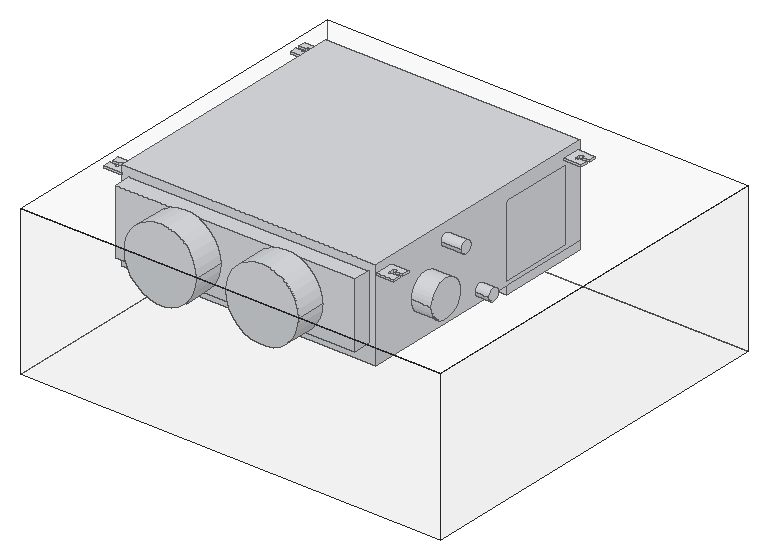
Revit family "pdfy-mp22_140gm_50Hz", category 機械設備, Revit 2019
Family settings
  丸型コネクタ寸法 = 直径を使用
  パーツ タイプ = 標準
  OmniClass 番号 = 23.75.10.24.21.27.27
  OmniClass タイトル = Split System Air Conditioning Units
  作業面ベース = いいえ
  常に垂直 = はい
  ロード時にボイドで切り取り = いいえ
  共有 = いいえ
  部屋計算ポイント = はい
Parameters (values of type "PDFY-MP22GM")
  騒音レベル（弱）(dB) = 48
  騒音レベル（中）(dB) = 54
  風量（弱）（m3／min） = 6
  風量（中）（m3／min） = 7.5
  風量（m3／min） = 8.5
  風量 = MAX風量  # 510.0 m³/h
  音響パワーレベル(dB) = 58
  電源種別 = ""
  電圧_電気ヒーター = 0 V
  電圧 = 200 V
  電動機出力_送風機 = 0.085 kW
  運転質量 = 0.00 kg
  連動 = ""
  質量 = if(製品質量 > 運転質量, 製品質量, 運転質量) * 1.2  # 28.80 kg
  負荷分類 = 3_ファン類
  説明 = "ビル用マルチエアコン 天井ビルトイン形 室内機"
  設計暖房能力 [instance] = 0 kW
  設計冷房能力_顕熱 [instance] = 0 kW
  設計冷房能力 [instance] = 0 kW
  設置方法 = "天井吊（隠ぺい）形"
  記号 [instance] = ""
  製造元 = "三菱電機株式会社"
  製品質量 = 24.00 kg
  製品出荷対象 = "国内"
  製品リリース年月 = "2024/9/30"
  製品グループ = ""
  系統 [instance] = ""
  符号 = "ACP-CIS"
  積算_科目 = "1 空気調和設備"
  積算_拾い区分 [instance] = ""
  相_電気ヒーター = 1
  相 = 1
  盤記号 [instance] = ""
  発停方法 = ""
  特殊仕様 [instance] = ""
  火災停止 = ""
  消費電力_電気ヒーター = 0 kW
  消費電力_暖房 = 0.05 kW
  消費電力_加湿器 = 0 kW
  消費電力_冷房 = 0.06 kW
  消費電力 = if(消費電力_冷房 > 消費電力_暖房, 消費電力_冷房, 消費電力_暖房) + 消費電力_加湿器 + 消費電力_電気ヒーター  # 0.06 kW
  法定耐用年数 = "15"
  機外静圧 = 30.0 Pa
  極数 = 1
  材質 [instance] = ""
  有効加湿量 = 0
  暖房能力 = 2.5 kW
  形式_加湿器 = ""
  形式 = "天井吊（隠ぺい）形（片ダクト形）"
  幹線記号 [instance] = ""
  始動方式 = "直入"
  呼称 = "室内機_天井吊（隠ぺい）形（片ダクト形）"
  周波数 = 50 Hz
  台数_手元リモコン [instance] = ""
  台数_冷媒分岐ユニット [instance] = ""
  参照している仕様書等のバージョン = "公共建築工事標準仕様書（機械設備工事編）平成31年度版"
  加湿給水管径 = 0.00 mm
  分類コード = "50053003221050"
  分類グループ = ""
  冷房能力 = 2.2 kW
  冷媒高低圧ガス管径 = 0.00 mm
  冷媒管径符号 = "Ac"
  冷媒管径 = 100.00 mm
  冷媒液管径 = 6.35 mm
  冷媒ガス管径 = 12.70 mm
  価格 = 0
  企業コード = "108420"
  付属品_フィルター = ""
  付属品 [instance] = ""
  仕様書バージョン = "Version1.0"
  モデル = "PDFY-MP22GM"
  パネル マテリアル = none
  ドレン管径 = 32.00 mm
  チャンバーボックス [instance] = yes
  ダクト高 = 178 mm
  ダクト幅 = 660 mm
  コメント [instance] = ""
  Keynote = ""
  Assembly Code = ""
  Width = 700 mm
  Version = ""
  Uniclass2015Version = "Systems v1.9"
  Uniclass2015Title = "Split coil remote air cooled condensing units"
  Uniclass2015Code = "Pr_70_65_03_84"
  URL = "https://www.mitsubishielectric.co.jp/ldg/wink/qr/002/335186/"
  SpecificationReference = ""
  SpecificationDescription = ""
  Revision = ""
  ProductInformation = ""
  OmniClassCode = "23-33 17 13 11"
  MIN風量 = 風量（弱）（m3／min） * 60.0 m³/h  # 360.0 m³/h
  MID風量 = 風量（中）（m3／min） * 60.0 m³/h  # 450.0 m³/h
  MAX風量 = 風量（m3／min） * 60.0 m³/h  # 510.0 m³/h
  IfcTypeProduct = ""
  IfcProduct = ""
  IfcExportType = "AIRCONDITIONINGUNIT"
  IfcExportAs = "IfcUnitaryEquipmentType"
  Height = 250 mm
  Depth = 701 mm
  Author = "三菱電機株式会社"
Types (10, lengths in mm): name | 騒音レベル（弱）(dB) | 騒音レベル（中）(dB) | 風量（弱）（m3／min） | 風量（中）（m3／min） | 風量（m3／min） | 風量 | 音響パワーレベル(dB) | 電動機出力_送風機 | 質量 | 製品質量 | 消費電力_暖房 | 消費電力_冷房 | 消費電力 | 暖房能力 | 冷房能力 | 冷媒管径符号 | 冷媒液管径 | 冷媒ガス管径 | モデル | ダクト幅 | Width | URL | MIN風量 | MID風量 | MAX風量
  PDFY-MP22GM | 48 | 54 | 6 | 7.5 | 8.5 | 510.0 m³/h | 58 | 0.085 kW | 28.80 kg | 24.00 kg | 0.05 kW | 0.06 kW | 0.06 kW | 2.5 kW | 2.2 kW | "Ac" | 6.35 | 12.70 | "PDFY-MP22GM" | 660 | 700 | "https://www.mitsubishielectric.co.jp/ldg/wink/qr/002/335186/" | 360.0 m³/h | 450.0 m³/h | 510.0 m³/h
  PDFY-MP28GM | 48 | 54 | 6 | 7.5 | 8.5 | 510.0 m³/h | 58 | 0.085 kW | 28.80 kg | 24.00 kg | 0.05 kW | 0.06 kW | 0.06 kW | 3.2 kW | 2.8 kW | "Ac" | 6.35 | 12.70 | "PDFY-MP28GM" | 660 | 700 | "https://www.mitsubishielectric.co.jp/ldg/wink/qr/002/335187/" | 360.0 m³/h | 450.0 m³/h | 510.0 m³/h
  PDFY-MP36GM | 51 | 58 | 7 | 9 | 10.5 | 630.0 m³/h | 62 | 0.085 kW | 28.80 kg | 24.00 kg | 0.07 kW | 0.08 kW | 0.08 kW | 4 kW | 3.6 kW | "Ac" | 6.35 | 12.70 | "PDFY-MP36GM" | 660 | 700 | "https://www.mitsubishielectric.co.jp/ldg/wink/qr/002/335188/" | 420.0 m³/h | 540.0 m³/h | 630.0 m³/h
  PDFY-MP45GM | 48 | 56 | 9 | 12 | 14 | 840.0 m³/h | 60 | 0.085 kW | 33.60 kg | 28.00 kg | 0.07 kW | 0.08 kW | 0.08 kW | 5 kW | 4.5 kW | "Ac" | 6.35 | 12.70 | "PDFY-MP45GM" | 860 | 900 | "https://www.mitsubishielectric.co.jp/ldg/wink/qr/002/335189/" | 540.0 m³/h | 720.0 m³/h | 840.0 m³/h
  PDFY-MP56GM | 50 | 60 | 10 | 14.5 | 17 | 1020.0 m³/h | 64 | 0.085 kW | 33.60 kg | 28.00 kg | 0.11 kW | 0.12 kW | 0.12 kW | 6.3 kW | 5.6 kW | "Ac" | 6.35 | 12.70 | "PDFY-MP56GM" | 860 | 900 | "https://www.mitsubishielectric.co.jp/ldg/wink/qr/002/335190/" | 600.0 m³/h | 870.0 m³/h | 1020.0 m³/h
  PDFY-MP71GM | 50 | 57 | 12.5 | 16 | 19 | 1140.0 m³/h | 62 | 0.121 kW | 39.60 kg | 33.00 kg | 0.12 kW | 0.12 kW | 0.12 kW | 8 kW | 7.1 kW | "Bd" | 9.52 | 15.88 | "PDFY-MP71GM" | 1060 | 1100 | "https://www.mitsubishielectric.co.jp/ldg/wink/qr/002/335191/" | 750.0 m³/h | 960.0 m³/h | 1140.0 m³/h
  PDFY-MP80GM | 52 | 59 | 13 | 18 | 22 | 1320.0 m³/h | 65 | 0.121 kW | 39.60 kg | 33.00 kg | 0.13 kW | 0.15 kW | 0.15 kW | 9 kW | 8 kW | "Bd" | 9.52 | 15.88 | "PDFY-MP80GM" | 1060 | 1100 | "https://www.mitsubishielectric.co.jp/ldg/wink/qr/002/335192/" | 780.0 m³/h | 1080.0 m³/h | 1320.0 m³/h
  PDFY-MP90GM | 52 | 59 | 13 | 18 | 22 | 1320.0 m³/h | 65 | 0.121 kW | 39.60 kg | 33.00 kg | 0.13 kW | 0.15 kW | 0.15 kW | 10 kW | 9 kW | "Bd" | 9.52 | 15.88 | "PDFY-MP90GM" | 1060 | 1100 | "https://www.mitsubishielectric.co.jp/ldg/wink/qr/002/335193/" | 780.0 m³/h | 1080.0 m³/h | 1320.0 m³/h
  PDFY-MP112GM | 56 | 65 | 20 | 28 | 33 | 1980.0 m³/h | 69 | 0.3 kW | 48.00 kg | 40.00 kg | 0.24 kW | 0.27 kW | 0.27 kW | 12.5 kW | 11.2 kW | "Bd" | 9.52 | 15.88 | "PDFY-MP112GM" | 1360 | 1400 | "https://www.mitsubishielectric.co.jp/ldg/wink/qr/002/335194/" | 1200.0 m³/h | 1680.0 m³/h | 1980.0 m³/h
  PDFY-MP140GM | 60 | 69 | 23.5 | 34 | 40 | 2400.0 m³/h | 74 | 0.3 kW | 48.00 kg | 40.00 kg | 0.39 kW | 0.41 kW | 0.41 kW | 16 kW | 14 kW | "Bd" | 9.52 | 15.88 | "PDFY-MP140GM" | 1360 | 1400 | "https://www.mitsubishielectric.co.jp/ldg/wink/qr/002/335195/" | 1410.0 m³/h | 2040.0 m³/h | 2400.0 m³/h
Reference planes
  plane 1 "中心(正面/背面)": y = 0
  plane 2: z = 0
  plane 3 "中心(左/右)": x = 0
  plane 4: y = 407.5
  plane 5: x = -390
  plane 6: x = 770
  plane 7: y = -650.5
  plane 8: y = -350.5
  plane 9: y = 350.5
  plane 10: x = -350
  plane 11: x = 350
  plane 12: z = 22
  plane 13: z = 272
  plane 14: z = 282
  plane 15: z = -130
Lines and regions (mm)
  symbolic lines, detail levels fine
    curve 1: line (-350, 350.5, 0) -> (350, 350.5, 0)
    curve 2: line (-350, -397.5, 0) -> (-350, 350.5, 0)
    curve 3: line (350, -397.5, 0) -> (-350, -397.5, 0)
    curve 4: line (350, 350.5, 0) -> (350, -397.5, 0)
Dimensions and locks
  "Width": plane 10 to plane 11
  locked: plane 8 to plane 7 at 300
  locked: plane 4 to plane 9 at 57
  equal spacing: plane 9, plane 1 "中心(正面/背面)", plane 8
  "Depth": plane 9 to plane 8
  equal spacing: plane 10, plane 3 "中心(左/右)", plane 11
  locked: plane 11 to plane 6 at 420
  locked: plane 5 to plane 10 at 40
  locked: plane 12 to plane 2 at 22
  "Height": plane 13 to plane 12
  locked: plane 14 to plane 13 at 10
  locked: plane 2 to plane 15 at 130
  aligned and locked: level to plane 2
  aligned and locked: plane 1 "中心(正面/背面)" to nested 1
  aligned and locked: plane 3 "中心(左/右)" to nested 1
  aligned and locked: plane 6 to nested 2
  aligned and locked: plane 5 to nested 2
  aligned and locked: plane 15 to nested 2
  aligned and locked: plane 14 to nested 2
  aligned and locked: nested 2 to plane 7
  aligned and locked: nested 2 to plane 4
Automatic sketch dimensions
  curve 3 to plane 8 = 47 mm
  curve 3 to plane 10 = 0 mm
  curve 3 to plane 11 = 0 mm
  curve 2 to plane 9 = 0 mm
Nested families
  nested 1: "PDFY-MP_GM" at (0, 0, 0), ①高さ <- "Height", ①幅 <- "Width", ①奥行き <- "Depth", ダクト幅 <- "ダクト幅", ダクト高 <- "ダクト高", type "PDFY-MP_GM"
    with 配管径 100 mm, 液径 9.52 mm, 液W 57 mm, 液H 122 mm, 液D 136 mm, 吊りボルトW 754 mm, 吊りボルトH 20 mm, 吊りボルトD 643 mm, 加湿器径 0 mm, 加湿器W 0 mm, 加湿器H 0 mm, 加湿器D 0 mm, ドレン径 32 mm, ドレンW 40 mm, ドレンH 217 mm, ドレンD 356 mm, ダクト高 178 mm, ダクト幅 660 mm, ダクト④ no, ダクト③ no, ダクト② yes, ダクト① yes, ガス径 15.88 mm, ガスW 78 mm, ガスH 33 mm, ガスD 67 mm, ①高さ 250 mm, ①幅 700 mm, ①奥行き 701 mm, G 320 mm, F 320 mm, E 280 mm, D 210 mm
  nested 2: "サービススペース" at (190, -121.5, 76), type "サービススペース"
    with Width 1160 mm, Height 412 mm, Depth 1058 mm
Connectors
  piping at (407, -181, 133.5), diameter 100, driven by "冷媒管径", driven by "冷媒管径符号"
    settings: on nested 1, index 5, connector inside diameter 609.60 mm, connector length 0 mm, flow factor 0, pipe flow 0.0 L/s, pressure drop 0.0 kPa, fitting loss kfactor 0, connector angle 0.00°, fixture units 0, engagement length 0 mm, angle of deflection 0.00°, flow configuration 1, flow direction 1, fitting loss method 4, system type 7, joint type 0, gender type 0, connector reference index -1, connector utility 0, adjustable connector no, is connector primary yes, connector description "Ac"
  piping at (390, 5.5, 55), diameter 32, driven by "ドレン管径"
    settings: on nested 1, index 6, connector inside diameter 609.60 mm, connector length 0 mm, flow factor 0, pipe flow 0.0 L/s, pressure drop 0.0 kPa, fitting loss kfactor 0, connector angle 0.00°, fixture units 0, engagement length 0 mm, angle of deflection 0.00°, flow configuration 1, flow direction 2, fitting loss method 4, system type 16, joint type 0, gender type 0, connector reference index -1, connector utility 0, adjustable connector no, is connector primary no, connector description ""
  electrical at (351, 200.5, 133), driven by "極数", driven by "負荷分類", driven by "電圧", driven by "消費電力"
    settings: on nested 1, index 7, voltage 200 V, apparent load 60 VA, apparent load phase1 0 VA, apparent load phase2 0 VA, apparent load phase3 0 VA, power factor 1, load classification "3_ファン類", number of poles 1, system type 30, power factor state 1, is connector primary yes, connector utility no, sub classification motor no, connector description ""
  hvac at (0, -397.5, 160), driven by "ダクト高", driven by "ダクト幅", driven by "機外静圧", driven by "風量"
    settings: on nested 1, index 8, duct flow 510.0 m³/h, flow factor 0, pres drop 30.0 Pa, loss coef 0, conn angle 0.00°, conn width 660 mm, conn height 178 mm, conn diameter 609.6 mm, duct sys type 1, conn prof type 1, flow config 0, flow direction 2, loss method 4, conn ref index -1, conn util no, is conn primary yes, conn desc ""
  piping at (408, -112.5, 231), diameter 32, driven by "ドレン管径"
    settings: on nested 1, index 9, connector inside diameter 609.60 mm, connector length 0 mm, flow factor 0, pipe flow 0.0 L/s, pressure drop 0.0 kPa, fitting loss kfactor 0, connector angle 0.00°, fixture units 0, engagement length 0 mm, angle of deflection 0.00°, flow configuration 1, flow direction 2, fitting loss method 4, system type 16, joint type 0, gender type 0, connector reference index -1, connector utility 0, adjustable connector no, is connector primary no, connector description ""
Definition of nested family "PDFY-MP_GM"
  Parameters (values of type "PDFY-MP_GM")
    加湿器径 [instance] = 0 mm
    加湿器W [instance] = 0 mm
    加湿器H [instance] = 0 mm
    加湿器D [instance] = 0 mm
    液径 [instance] = 9.52 mm
    吊りボルトW [instance] = ①幅 + 54 mm  # 754 mm
    吊りボルトH [instance] = 20 mm
    吊りボルトD [instance] = 643 mm  # constant formula
    配管径 [instance] = 100 mm  # constant formula
    液W [instance] = 57 mm  # constant formula
    液H [instance] = 122 mm  # constant formula
    液D [instance] = 136 mm  # constant formula
    ドレン径 [instance] = 32 mm  # constant formula
    ドレンW [instance] = 40 mm  # constant formula
    ドレンH [instance] = 217 mm  # constant formula
    ドレンD [instance] = 356 mm  # constant formula
    ダクト高 [instance] = 178 mm
    ダクト幅 [instance] = 660 mm
    ダクト④ [instance] = ①幅 > 1300 mm  # no
    ダクト③ [instance] = ①幅 > 1000 mm  # no
    ダクト② [instance] = yes
    ダクト① [instance] = yes
    ガス径 [instance] = 15.88 mm
    ガスW [instance] = 78 mm  # constant formula
    ガスH [instance] = 33 mm  # constant formula
    ガスD [instance] = 67 mm  # constant formula
    ①幅 [instance] = 700 mm
    ①高さ [instance] = 250 mm
    ①奥行き [instance] = 701 mm
    G [instance] = 320 mm  # constant formula
    F [instance] = 320 mm  # constant formula
    E [instance] = if(①幅 = 1400 mm, 320 mm, if(①幅 = 1100 mm, 320 mm, if(①幅 = 900 mm, 450 mm, 280 mm)))  # 280 mm
    D [instance] = if(①幅 = 1400 mm, 220 mm, if(①幅 = 1100 mm, 230 mm, if(①幅 = 900 mm, 225 mm, 210 mm)))  # 210 mm
  Reference planes
    plane 1 "中心(正面/背面)": y = 0
    plane 2: z = 0
    plane 3 "中心(左/右)": x = 0
    plane 4: x = -350
    plane 5: x = 350
    plane 6: y = 350.5
    plane 7: y = -350.5
    plane 8: z = 272
    plane 9: y = 317.5
    plane 10: y = -325.5
    plane 11: x = -377
    plane 12: x = 377
    plane 13: y = 421.5
    plane 14: z = 252
    plane 15: z = 247
    plane 16: y = -397.5
    plane 17: x = -330
    plane 18: y = -479.5
    plane 19: z = 71
    plane 20: z = 249
    plane 21: x = -400
    plane 22: x = 400
    plane 23: y = -300.5
    plane 24: y = 342.5
    plane 25: y = 292.5
    plane 26: x = -460
    plane 27: x = -140
    plane 28: x = 140
    plane 29: x = -780
    plane 30: z = 156
    plane 31: z = 22
    plane 32: y = 100.5
    plane 33: y = 5.5
    plane 34: y = -147.5
    plane 35: y = -214.5
    plane 36: y = -181
    plane 37: z = 150
    plane 38: z = 117
    plane 39: z = 133.5
    plane 40: x = 407
    plane 41: x = 390
    plane 42: z = 55
    plane 43: x = 351
    plane 44: z = 231
    plane 45: y = -112.5
    plane 46: x = 330
  Forms (mm)
    Extrusion 1, solid, detail levels fine
      sketch origin (0, 0, 0) x (1, 0, 0) y (0, 1, 0)
        loop
          line (-350, 350.5) -> (-350, -350.5) -> (350, -350.5) -> (350, 350.5) -> (-350, 350.5)
      from 22 to 272
    Extrusion 2, solid, detail levels fine
      sketch origin (0, 0, 0) x (1, 0, 0) y (0, 0, 1)
        loop
          line (330, 249) -> (-330, 249) -> (-330, 71) -> (330, 71) -> (330, 249)
      from 350.5 to 397.5
    Extrusion 3, solid, detail levels fine
      sketch origin (0, 0, 0) x (1, 0, 0) y (0, 1, 0)
        loop
          line (350, 342.5) -> (350, 292.5) -> (400, 292.5) -> (400, 312.5) -> (382, 312.5)
          arc (382, 312.5) -> (377, 307.5) -> (372, 312.5) r 5
          line (372, 312.5) -> (372, 322.5)
          arc (372, 322.5) -> (377, 327.5) -> (382, 322.5) r 5
          line (382, 322.5) -> (400, 322.5) -> (400, 342.5) -> (350, 342.5)
        loop
          line (400, -300.5) -> (350, -300.5) -> (350, -350.5) -> (400, -350.5) -> (400, -330.5) -> (382, -330.5)
          arc (382, -330.5) -> (377, -335.5) -> (372, -330.5) r 5
          line (372, -330.5) -> (372, -320.5)
          arc (372, -320.5) -> (377, -315.5) -> (382, -320.5) r 5
          line (382, -320.5) -> (400, -320.5) -> (400, -300.5)
        loop
          line (-400, 342.5) -> (-400, 322.5) -> (-382, 322.5)
          arc (-382, 322.5) -> (-377, 327.5) -> (-372, 322.5) r 5
          line (-372, 322.5) -> (-372, 312.5)
          arc (-372, 312.5) -> (-377, 307.5) -> (-382, 312.5) r 5
          line (-382, 312.5) -> (-400, 312.5) -> (-400, 292.5) -> (-350, 292.5) -> (-350, 342.5) -> (-400, 342.5)
        loop
          line (-400, -300.5) -> (-400, -320.5) -> (-382, -320.5)
          arc (-382, -320.5) -> (-377, -315.5) -> (-372, -320.5) r 5
          line (-372, -320.5) -> (-372, -330.5)
          arc (-372, -330.5) -> (-377, -335.5) -> (-382, -330.5) r 5
          line (-382, -330.5) -> (-400, -330.5) -> (-400, -350.5) -> (-350, -350.5) -> (-350, -300.5) -> (-400, -300.5)
      from 247 to 252
    Extrusion 4, solid, visible <- "ダクト①", detail levels fine
      sketch origin (0, 0, 0) x (1, 0, 0) y (0, 0, 1)
        loop
          circle (140, 156) r 100
      from 397.5 to 479.5
    Extrusion 5, solid, detail levels fine
      sketch origin (0, 0, 0) x (1, 0, 0) y (0, 1, 0)
        loop
          line (-350, 350.5) -> (-350, 100.5) -> (350, 100.5) -> (350, 350.5) -> (-350, 350.5)
      from 0 to 22
    Extrusion 6, solid, detail levels fine
      sketch origin (0, 0, 0) x (0, 1, 0) y (0, 0, 1)
        loop
          circle (-181, 133.5) r 50
      from 350 to 407
    Extrusion 7, solid, detail levels fine
      sketch origin (0, 0, 0) x (0, 1, 0) y (0, 0, 1)
        loop
          circle (5.5, 55) r 16
      from 350 to 390
    Extrusion 8, solid, detail levels fine
      sketch origin (0, 0, 0) x (0, 1, 0) y (0, 0, 1)
        loop
          line (100.5, 231) -> (100.5, 35) -> (300.5, 35) -> (300.5, 231) -> (100.5, 231)
      from 350 to 351
    Extrusion 9, solid, visible <- "ダクト②", detail levels fine
      sketch origin (-140, 0, 0) x (1, 0, 0) y (0, 0, 1)
        loop
          circle (0, 156) r 100
      from 397.5 to 479.5
    Extrusion 10, solid, visible <- "ダクト③", detail levels fine
      sketch origin (-280, 0, 0) x (1, 0, 0) y (0, 0, 1)
        loop
          circle (-180, 156) r 100
      from 397.5 to 479.5
    Extrusion 11, solid, visible <- "ダクト④", detail levels fine
      sketch origin (-420, 0, 0) x (1, 0, 0) y (0, 0, 1)
        loop
          circle (-360, 156) r 100
      from 397.5 to 479.5
    Extrusion 12, solid, detail levels coarse+medium
      sketch origin (0, 0, 0) x (1, 0, 0) y (0, 1, 0)
        loop
          line (-350, 350.5) -> (-350, -397.5) -> (350, -397.5) -> (350, 350.5) -> (-350, 350.5)
      from 22 to 272
    Extrusion 13, solid, detail levels fine
      sketch origin (350, 350.5, 0) x (0, -1, 0) y (0, 0, -1)
        loop
          circle (463, -231) r 16
      from 0 to 58
  Dimensions and locks
    equal spacing: plane 7, plane 1 "中心(正面/背面)", plane 6
    "①奥行き": plane 7 to plane 6
    equal spacing: plane 4, plane 3 "中心(左/右)", plane 5
    "①幅": plane 4 to plane 5
    equal spacing: plane 11, plane 3 "中心(左/右)", plane 12
    "吊りボルトW": plane 11 to plane 12
    locked: plane 8 to plane 14 at 20
    locked: plane 14 to plane 15 at 5
    "ダクト高": plane 20 to plane 19
    locked: plane 21 to plane 11 at 23
    locked: plane 12 to plane 22 at 23
    locked: plane 9 to plane 6 at 33
    "吊りボルトD": plane 10 to plane 9
    plane 25 to plane 9 to plane 24 = 25 mm locked, 25 mm locked
    plane 7 to plane 10 to plane 23 = 25 mm, 25 mm
    locked: plane 8 to plane 20 at 23
    locked: plane 16 to plane 7 at 47
    locked: plane 18 to plane 16 at 82
    "E": plane 27 to plane 28
    "F": plane 26 to plane 27
    "G": plane 29 to plane 26
    locked: plane 8 to plane 30 at 116
    locked: plane 31 to level at 22
    "①高さ": plane 8 to plane 31
    locked: plane 32 to plane 6 at 250
    "液D": plane 7 to plane 35
    "ドレンD": plane 7 to plane 33
    "ガスD": plane 35 to plane 34
    equal spacing: plane 35, plane 36, plane 34
    "液H": plane 8 to plane 37
    "ガスH": plane 37 to plane 38
    equal spacing: plane 37, plane 39, plane 38
    "液W": plane 5 to plane 40
    "ドレンW": plane 5 to plane 41
    "ドレンH": plane 8 to plane 42
    plane 8 to plane 42 = 217 mm
    locked: plane 5 to plane 43 at 1
    "D": plane 28 to plane 5
    equal spacing: plane 46, plane 3 "中心(左/右)", plane 17
    "ダクト幅": plane 46 to plane 17
    radius of Extrusion 4 sketch curve = 100 mm
    "配管径": diameter of Extrusion 6 sketch curve
    "ドレン径": diameter of Extrusion 7 sketch curve
    radius of Extrusion 9 sketch curve = 100 mm
    radius of Extrusion 10 sketch curve = 100 mm
    radius of Extrusion 11 sketch curve = 100 mm
    diameter of Extrusion 13 sketch curve = 32 mm
    aligned and locked: level to plane 2
    aligned and locked: plane 6 to Extrusion 1 sketch curve
    aligned and locked: plane 4 to Extrusion 1 sketch curve
    aligned and locked: Extrusion 1 sketch curve to plane 7
    aligned and locked: Extrusion 1 sketch curve to plane 5
    aligned and locked: plane 8 to Extrusion 1
    aligned and locked: plane 20 to Extrusion 2 sketch curve
    aligned and locked: Extrusion 2 sketch curve to plane 19
    aligned and locked: Extrusion 2 sketch curve to plane 17
    aligned and locked: plane 16 to Extrusion 2
    aligned and locked: Extrusion 2 to plane 7
    aligned and locked: plane 10 to nested 1
    aligned and locked: plane 11 to nested 1
    aligned and locked: plane 12 to nested 1
    aligned and locked: nested 1 to plane 9
    aligned and locked: plane 24 to Extrusion 3 sketch curve  (x2)
    aligned and locked: plane 5 to Extrusion 3 sketch curve
    aligned and locked: Extrusion 3 sketch curve to plane 25  (x2)
    aligned and locked: Extrusion 3 sketch curve to plane 22  (x2)
    aligned and locked: Extrusion 3 sketch curve to plane 23
    aligned and locked: plane 22 to Extrusion 3 sketch curve  (x2)
    aligned and locked: Extrusion 1 to Extrusion 3 sketch curve  (x2)
    aligned and locked: Extrusion 3 sketch curve to Extrusion 1  (x2)
    aligned and locked: plane 21 to Extrusion 3 sketch curve  (x4)
    aligned and locked: Extrusion 3 sketch curve to plane 4
    aligned and locked: plane 23 to Extrusion 3 sketch curve
    aligned and locked: plane 11 to Extrusion 3 sketch curve  (x4)
    aligned and locked: plane 12 to Extrusion 3 sketch curve  (x4)
    aligned and locked: plane 14 to Extrusion 3
    aligned and locked: Extrusion 3 to plane 15
    aligned and locked: plane 28 to Extrusion 4 sketch curve
    aligned and locked: plane 30 to Extrusion 4 sketch curve
    aligned and locked: plane 18 to Extrusion 4
    aligned and locked: Extrusion 4 to plane 16
    aligned and locked: Extrusion 1 to plane 31
    aligned and locked: Extrusion 5 sketch curve to Extrusion 1  (x2)
    aligned and locked: Extrusion 5 sketch curve to plane 32
    aligned and locked: Extrusion 5 sketch curve to plane 5
    aligned and locked: Extrusion 5 to Extrusion 1
    aligned and locked: plane 36 to Extrusion 6 sketch curve
    aligned and locked: plane 39 to Extrusion 6 sketch curve
    aligned and locked: Extrusion 6 to plane 5
    aligned and locked: plane 40 to Extrusion 6
    aligned and locked: plane 33 to Extrusion 7 sketch curve
    aligned and locked: plane 42 to Extrusion 7 sketch curve
    aligned and locked: plane 41 to Extrusion 7
    aligned and locked: Extrusion 7 to plane 5
    aligned and locked: plane 43 to Extrusion 8
    aligned and locked: Extrusion 8 to plane 5
    aligned and locked: plane 27 to Extrusion 9 sketch curve
    aligned and locked: plane 30 to Extrusion 9 sketch curve
    aligned and locked: plane 26 to Extrusion 10 sketch curve
    aligned and locked: plane 30 to Extrusion 10 sketch curve
    aligned and locked: plane 30 to Extrusion 11 sketch curve
    aligned and locked: plane 29 to Extrusion 11 sketch curve
    aligned and locked: plane 18 to Extrusion 11
    aligned and locked: Extrusion 11 to plane 16
    aligned and locked: plane 18 to Extrusion 10
    aligned and locked: Extrusion 10 to plane 16
    aligned and locked: Extrusion 9 to plane 16
    aligned and locked: plane 18 to Extrusion 9
    aligned and locked: plane 6 to Extrusion 12 sketch curve
    aligned and locked: Extrusion 12 sketch curve to plane 16
    aligned and locked: Extrusion 12 sketch curve to plane 5
    aligned and locked: plane 8 to Extrusion 12
    aligned and locked: Extrusion 1 to Extrusion 12
    aligned and locked: Extrusion 12 sketch curve to Extrusion 1
  Automatic sketch dimensions
    Extrusion 3 sketch curve to plane 11 = 5 mm  (x2)
    Extrusion 3 sketch curve to Extrusion 3 sketch curve = 5 mm
    Extrusion 3 sketch curve to plane 12 = 5 mm
    plane 10 to Extrusion 3 sketch curve = 5 mm  (x2)
    Extrusion 3 sketch curve to Extrusion 3 sketch curve = 0 mm  (x4)
    Extrusion 3 sketch curve to plane 10 = 5 mm  (x2)
    plane 9 to Extrusion 3 sketch curve = 5 mm  (x3)
    Extrusion 3 sketch curve to plane 9 = 5 mm  (x2)
    Extrusion 8 sketch curve to plane 32 = 0 mm
    Extrusion 8 sketch curve to plane 25 = 8 mm
    plane 31 to Extrusion 8 sketch curve = 13 mm
    Extrusion 8 sketch curve to plane 15 = 16 mm
    Extrusion 2 sketch curve to plane 5 = 20 mm
    Extrusion 12 to Extrusion 13 sketch curve = 41 mm
    Extrusion 12 to Extrusion 13 sketch curve = 285 mm
  Nested families
    nested 1: "固定点" at (-377, -325.5, 0), type "固定点", detail levels fine
      with W 754 mm, D 643 mm, 中心円 10 mm
  Definition of nested family "固定点"
    Parameters (values of type "固定点")
      中心円 = 20 mm
      W [instance] = 1000 mm
      D [instance] = 1000 mm
    Reference planes
      plane 1 "中心(正面/背面)": y = 0
      plane 2: z = 0
      plane 3 "中心(左/右)": x = 0
      plane 4: x = 1000
      plane 5: y = 1000
    Lines and regions (mm)
      symbolic lines, detail levels fine
        curve 1: circle (0, 1000, 0) r 10 normal (0, 0, 1)
        curve 2: circle (0, 0, 0) r 10 normal (0, 0, 1)
        curve 3: circle (1000, 1000, 0) r 10 normal (0, 0, 1)
        curve 4: circle (1000, 0, 0) r 10 normal (0, 0, 1)
        curve 5: line (-200, 1000, 0) -> (1200, 1000, 0)
        curve 6: line (-200, 0, 0) -> (1200, 0, 0)
        curve 7: line (0, 1200, 0) -> (0, -200, 0)
        curve 8: line (1000, 1200, 0) -> (1000, -200, 0)
    Dimensions and locks
      "W": plane 3 "中心(左/右)" to plane 4
      "D": plane 1 "中心(正面/背面)" to plane 5
      "中心円": diameter of curve 1
      "中心円": diameter of curve 2
      "中心円": diameter of curve 3
      "中心円": diameter of curve 4
      aligned and locked: level to plane 2
      aligned and locked: plane 5 to curve 1
      aligned and locked: plane 3 "中心(左/右)" to curve 1
      aligned and locked: plane 3 "中心(左/右)" to curve 2
      aligned and locked: plane 1 "中心(正面/背面)" to curve 2
      aligned and locked: plane 4 to curve 3
      aligned and locked: plane 5 to curve 3
      aligned and locked: plane 1 "中心(正面/背面)" to curve 4
      aligned and locked: plane 4 to curve 4
      aligned and locked: plane 1 "中心(正面/背面)" to curve 6
      aligned and locked: curve 7 to plane 3 "中心(左/右)"
      aligned and locked: curve 8 to plane 4
    Automatic sketch dimensions
      curve 5 to plane 5 = 0 mm
      curve 6 to plane 3 "中心(左/右)" = 200 mm
      curve 5 to plane 3 "中心(左/右)" = 200 mm
      curve 4 to curve 6 = 200 mm
      curve 3 to curve 5 = 200 mm
      plane 1 "中心(正面/背面)" to curve 8 = 200 mm
      plane 1 "中心(正面/背面)" to curve 7 = 200 mm
      curve 3 to curve 8 = 200 mm
      curve 1 to curve 7 = 200 mm
Definition of nested family "サービススペース"
  Parameters (values of type "サービススペース")
    Width [instance] = 500 mm
    Height [instance] = 500 mm
    Depth [instance] = 500 mm
  Reference planes
    plane 1 "中心(正面/背面)": y = 0
    plane 2: z = 0
    plane 3 "中心(左/右)": x = 0
    plane 4: y = -250
    plane 5: x = 250
    plane 6: y = 250
    plane 7: x = -250
    plane 8: z = 250
    plane 9: z = -250
  Forms (mm)
    Extrusion 1, solid
      sketch origin (-638.939, 0, 72.39) x (1, 0, 0) y (0, 1, 0)
        loop
          line (388.939, 250) -> (388.939, -250) -> (888.939, -250) -> (888.939, 250) -> (388.939, 250)
      from -322.39 to 177.61
  Lines and regions (mm)
    symbolic lines
      curve 1: line (-250, 0, 250) -> (250, 0, 250)
      curve 2: line (-250, 0, -250) -> (-250, 0, 250)
      curve 3: line (250, 0, -250) -> (-250, 0, -250)
      curve 4: line (250, 0, 250) -> (250, 0, -250)
      curve 5: line (0, -250, 250) -> (0, 250, 250)
      curve 6: line (0, -250, -250) -> (0, -250, 250)
      curve 7: line (0, 250, -250) -> (0, -250, -250)
      curve 8: line (0, 250, 250) -> (0, 250, -250)
      curve 9: line (-250, 250, 0) -> (250, 250, 0)
      curve 10: line (-250, -250, 0) -> (-250, 250, 0)
      curve 11: line (250, -250, 0) -> (-250, -250, 0)
      curve 12: line (250, 250, 0) -> (250, -250, 0)
  Dimensions and locks
    equal spacing: plane 7, plane 3 "中心(左/右)", plane 5
    equal spacing: plane 4, plane 1 "中心(正面/背面)", plane 6
    "Depth": plane 4 to plane 6
    "Width": plane 7 to plane 5
    equal spacing: plane 8, plane 2, plane 9
    "Height": plane 8 to plane 9
    aligned and locked: plane 9 to curve 3
    aligned and locked: plane 7 to curve 2
    aligned and locked: curve 4 to plane 5
    aligned and locked: plane 5 to Extrusion 1
    aligned and locked: Extrusion 1 to plane 7
    aligned and locked: Extrusion 1 to plane 9
    aligned and locked: plane 8 to Extrusion 1
    aligned and locked: plane 9 to curve 7
  Automatic sketch dimensions
    plane 4 to Extrusion 1 sketch curve = 0 mm
    Extrusion 1 sketch curve to plane 7 = 0 mm
    Extrusion 1 sketch curve to plane 5 = 0 mm
    plane 6 to Extrusion 1 sketch curve = 0 mm
    curve 2 to plane 8 = 0 mm
    plane 4 to curve 11 = 0 mm
    curve 11 to plane 7 = 0 mm
    curve 11 to plane 5 = 0 mm
    plane 6 to curve 10 = 0 mm
    curve 7 to plane 4 = 0 mm
    curve 7 to plane 6 = 0 mm
    curve 6 to plane 8 = 0 mm
